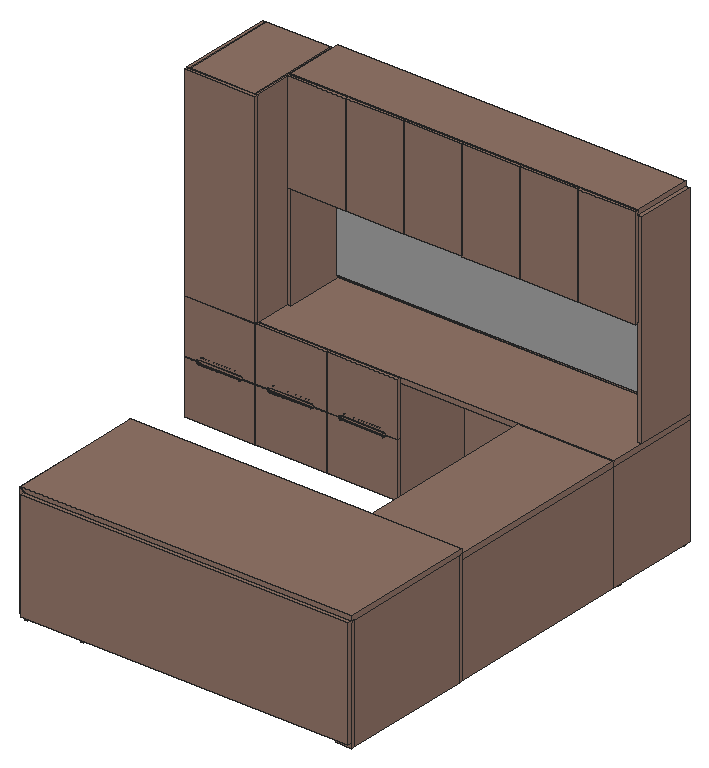
Revit family "OFS TYPICAL T100005", category Furniture, Revit 2022 (continued)
Definition of nested family "OFS SLATE CREDENZA SINGLE PEDESTAL"
  Definition of nested family "OFS_Slate Private Office_Credenza_Single_Pedestal"
    Automatic sketch dimensions
      Extrusion 30 sketch curve to plane 9 = 0' - 0"
      Extrusion 30 sketch curve to plane 10 = 0' - 1 1/4"
      Extrusion 30 sketch curve to plane 5 = 0' - 0 1/16"
      Extrusion 30 sketch curve to plane 9 = 0' - 0 1/8"
      Extrusion 30 sketch curve to plane 4 = 0' - 0 1/8"
      plane 22 to Extrusion 30 sketch curve = 0' - 0"
      Extrusion 27 sketch curve to plane 9 = 0' - 0"
      Extrusion 27 sketch curve to Extrusion 27 sketch curve = 0' - 0 1/8"
      Extrusion 27 sketch curve to plane 10 = 0' - 1 1/4"
      Extrusion 27 sketch curve to plane 5 = 0' - 0 1/16"
      plane 10 to Extrusion 32 sketch curve = 0' - 0"
      plane 6 to Extrusion 32 sketch curve = 0' - 0"
      Extrusion 32 sketch curve to plane 12 = 0' - 0"
      plane 13 to Extrusion 32 sketch curve = 0' - 3"
      Extrusion 34 sketch curve to Extrusion 34 sketch curve = 1' - 2"
      Extrusion 33 to Extrusion 34 sketch curve = 0' - 0 1/8"
  Definition of nested family "Tag"
    Parameters
      P_Width = 0' - 0"
      Text_Width = "Empty"
      Text_Height = "Empty"
      Text_Diameter = "Empty"
      Text_Depth = "Empty"
      Offset (LR) [instance] = 0' - 0"
      Model Name = "Type Catalog"
      P_Height = 0' - 0"
      Distance of Center (not Change) = 0' - 0.1"
      P_Diameter = 0' - 0"
      P_Depth = 0' - 0"
    Reference planes (in)
      plane 1: y = 0
      plane 2: x = 0
    Lines and regions (in)
      reference lines
        curve 1: line (-0.44359, 0.1, 0) -> (0.41085, 0.1, 0)
        curve 3: line (0, 0.42564, 0) -> (0, -0.30221, 0)
      reference lines, not visible
        curve 2: line (-0.44359, 0.09843, 0) -> (0.41085, 0.09843, 0)
        curve 4: line (0, 0.42407, 0) -> (0, -0.30379, 0)
    Text (in)
      label "Empty" at (0.00197, 0.0921, 0), shows "Model Name"
      label "Empty" at (0.00197, 0.09052, 0), shows "Model Name", not visible
    Dimensions and locks (in)
      "Distance of Center (not Change)": plane 1 to curve 1
      "Offset (LR)": curve 3 to plane 2
    Automatic sketch dimensions
      curve 1 to curve 3 = 0' - 0.44359"
      curve 3 to curve 1 = 0' - 0.41085"
      curve 3 to curve 1 = 0' - 0.40221"
      curve 1 to curve 3 = 0' - 0.32564"
      curve 2 to curve 4 = 0' - 0.44359"
      curve 4 to curve 2 = 0' - 0.41085"
      curve 4 to curve 2 = 0' - 0.40221"
      curve 2 to curve 4 = 0' - 0.32564"
Definition of nested family "OFS SLATE TALL STORAGE CABINET _ WARDROBE FILE-FILE"
  Parameters (values of type "Tall Storage Wardrobe File-File Right - 81"H")
    Width = 1' - 6"
    URL = "http://www.ofs.com/"
    Top [instance] = none
    Right = yes
    Model = "CA-182481RSWD-2"
    Manufacturer = "CAROLINA"
    Left = no
    Height = 6' - 9"
    Glides [instance] = none
    Drawers [instance] = none
    Doors [instance] = none
    Description = "OFS SLATE Tall Storage Wardrobe File/File Right 18W x 24.75D x 80.75H, Slate Private Office"
    Depth = 2' - 0 3/4"
    Default Elevation = 0' - 0"
    Copyright © = "© 2019 OFS"
    Catalog = "https://ofs.com/products/tables/conference/slate"
    Case [instance] = none
    Base [instance] = none
    Authoring Version = "Autodesk Revit Architecture 2014"
    Assembly Code = "E2020200"
  Types (8): name | Right | Model | Left | Height | Description
    Tall Storage Wardrobe File-File Left - 81H | no | "CA-182481RSWD-2" | yes | 6' - 9" | "OFS SLATE Tall Storage Wardrobe File/File Left 18W x 24.75D x 80.75H, Slate Private Office"
    Tall Storage Wardrobe File-File Left - 69"H | no | "CA-182469RSWD-2" | yes | 5' - 9" | "OFS SLATE Tall Storage Wardrobe File/File Left 18W x 24.75D x 68.75H, Slate Private Office"
    Tall Storage Wardrobe File-File Right - 81"H | yes | "CA-182481RSWD-2" | no | 6' - 9" | "OFS SLATE Tall Storage Wardrobe File/File Right 18W x 24.75D x 80.75H, Slate Private Office"
    Tall Storage Wardrobe File-File Right - 69"H | yes | "CA-182469RSWD-2" | no | 5' - 9" | "OFS SLATE Tall Storage Wardrobe File/File Right 18W x 24.75D x 68.75H, Slate Private Office"
    Tall Storage Cabinet File-File Left - 81"H | no | "CA-182481RSCD-2" | yes | 6' - 9" | "OFS SLATE Tall Storage Cabinet File/File Left 18W x 24.75D x 80.75H, Slate Private Office"
    Tall Storage Cabinet File-File Left - 69"H | no | "CA-182469RSCD-2" | yes | 5' - 9" | "OFS SLATE Tall Storage Cabinet File/File Left 18W x 24.75D x 68.75H, Slate Private Office"
    Tall Storage Cabinet File-File Right - 81"H | yes | "CA-182481RSCD-2" | no | 6' - 9" | "OFS SLATE Tall Storage Cabinet File/File Right 18W x 24.75D x 80.75H, Slate Private Office"
    Tall Storage Cabinet File-File Right - 69"H | yes | "CA-182469RSCD-2" | no | 5' - 9" | "OFS SLATE Tall Storage Cabinet File/File Right 18W x 24.75D x 68.75H, Slate Private Office"
  Reference planes (in)
    plane 1 "Center (Front/Back)": y = 0
    plane 2: z = 0
    plane 3 "Center (Left/Right)": x = 0
    plane 4: x = 18
    plane 5: x = 9
    plane 6: y = -0.75
    plane 7: y = -1.37544
    plane 8: y = -24.83661
    plane 9: y = -24.08661
    plane 10: y = -23.125
    plane 11: y = -21.74956
    plane 12: y = -22.375
    plane 13: y = -28.0105
    plane 14: x = 0.75
    plane 15: x = 2.25
    plane 16: x = 15.75
    plane 17: x = 17.25
    plane 18: z = 80.7
    plane 19: z = 80.6375
    plane 20: z = 79.95
    plane 21: z = 1.7625
    plane 22: z = 2.45
    plane 23: z = 1.7
    plane 24: z = 0.45
    plane 25: z = 81
    plane 26: y = -24
    plane 27: z = 15.35625
    plane 28: z = 15.48125
    plane 29: z = 29.1375
    plane 30: z = 29.2625
  Dimensions and locks (in)
    "Width": plane 3 "Center (Left/Right)" to plane 4
    equal spacing: plane 3 "Center (Left/Right)", plane 5, plane 4
    plane 3 "Center (Left/Right)" to plane 14 to plane 15 = 0' - 0 3/4" locked, 0' - 1 1/2" locked
    plane 16 to plane 17 to plane 4 = 0' - 1 1/2" locked, 0' - 0 3/4" locked
    plane 7 to plane 6 to plane 1 "Center (Front/Back)" = 0' - 0.62544" locked, 0' - 0 3/4" locked
    plane 25 to plane 18 to plane 19 to plane 20 = 0' - 0.3" locked, 0' - 0 1/16" locked, 0' - 0 11/16" locked
    plane 30 to plane 29 to plane 28 to plane 27 to plane 22 to plane 21 to plane 23 to plane 24 to level = 0' - 0 1/8" locked, 1' - 1 21/32" locked, 0' - 0 1/8" locked, 1' - 0 29/32" locked, 0' - 0 11/16" locked, 0' - 0 1/16" locked, 0' - 1 1/4" locked, 0' - 0.45" locked
    "Height": plane 25 to level
    plane 13 to plane 8 to plane 9 to plane 26 to plane 10 to plane 12 to plane 11 = 0' - 3.17389" locked, 0' - 0 3/4" locked, 0' - 0.08661" locked, 0' - 0 7/8" locked, 0' - 0 3/4" locked, 0' - 0.62544" locked
    equal spacing: nested 2, nested 4, plane 3 "Center (Left/Right)"
    aligned and locked: level to plane 2
    aligned and locked: nested 3 to plane 13
    aligned and locked: nested 3 to plane 5
    aligned and locked: nested 4 to plane 13
  Nested families (in)
    nested 1: "OFS_Slate Private Office_Tall_Storage_Cabinet_File_File" at (0, 0, 0), Top <- "Top", Glides <- "Glides", Drawers <- "Drawers", Doors <- "Doors", Case <- "Case", Base <- "Base", visible <- "Left", type "OFS_Slate Private Office_Tall_Storage_Cabinet_File_File"
      with Top none, Right no, Left yes, Glides none, Drawers none, Doors none, Case none, Base none, Height 6' - 9"
    nested 2: "OFS_Slate Private Office_Tall_Storage_Cabinet_File_File" at (0, 0, 0) x (-1, 0, 0) z (0, 0, 1), Top <- "Top", Glides <- "Glides", Drawers <- "Drawers", Doors <- "Doors", Case <- "Case", Base <- "Base", visible <- "Right", type "OFS_Slate Private Office_Tall_Storage_Cabinet_File_File"
      with Top none, Right no, Left yes, Glides none, Drawers none, Doors none, Case none, Base none, Height 6' - 9"
    nested 3: "Tag" at (9, -28.0105, 0) x (-1, 0, 0) z (0, 0, 1), visible <- "Left", type "Center", detail levels fine
      with Offset (LR) 0' - 0", Distance of Center (not Change) 0' - 0.11"
    nested 4: "Tag" at (-9, -28.0105, 0), visible <- "Right", type "Center", detail levels fine
      with Offset (LR) 0' - 0", Distance of Center (not Change) 0' - 0.11"
  Definition of nested family "OFS_Slate Private Office_Tall_Storage_Cabinet_File_File"
    Parameters
      Width = 1' - 6"
      URL = "http://www.ofsbrands.com/"
      Top [instance] = none
      Right [instance] = no
      Model = "Type Catalog"
      Manufacturer = "OFS BRANDS"  # constant formula
      Left [instance] = yes
      Height = 5' - 9"
      Glides [instance] = none
      Drawers [instance] = none
      Doors [instance] = none
      Description = "Type Catalog"
      Depth = 2' - 0 3/4"
      Default Elevation = 0' - 0"
      Copyright © = "© 2016 OFS BRANDS"  # constant formula
      Catalog = "OFS"  # constant formula
      Case [instance] = none
      Base [instance] = none
      Authoring Version = "Autodesk Revit Architecture 2014"  # constant formula
      Assembly Code = "E2020200"
    Reference planes (in)
      plane 1 "Center (Front/Back)": y = 0
      plane 2: z = 0
      plane 3 "Center (Left/Right)": x = 0
      plane 4: x = 18
      plane 5: x = 9
      plane 6: y = -0.75
      plane 7: y = -1.37544
      plane 8: y = -24.83661
      plane 9: y = -24.08661
      plane 10: y = -23.125
      plane 11: y = -21.74956
      plane 12: y = -22.375
      plane 13: y = -28.0105
      plane 14: x = 0.75
      plane 15: x = 2.25
      plane 16: x = 15.75
      plane 17: x = 17.25
      plane 18: z = 68.7
      plane 19: z = 68.6375
      plane 20: z = 67.95
      plane 21: z = 1.7625
      plane 22: z = 2.45
      plane 23: z = 1.7
      plane 24: z = 0.45
      plane 25: z = 69
      plane 26: y = -24
      plane 27: z = 15.35625
      plane 28: z = 15.48125
      plane 29: z = 29.1375
      plane 30: z = 29.2625
    Forms (in)
      Revolve 1, solid, material <- "Glides"
        sketch origin (14.86463, -1.37544, 140) x (1, 0, 0) y (0, 0, 1)
          loop
            line (-13.47373, -139.55) -> (-13.72373, -139.55) -> (-13.72373, -139.74756) -> (-13.76241, -139.74756)
            arc (-13.76241, -139.74756) -> (-13.84683, -139.89216) -> (-13.71873, -140) r 0.13
            line (-13.71873, -140) -> (-13.47373, -140) -> (-13.47373, -139.55)
          axis (-13.47373, -139.55) -> (-13.47373, -140)
        angle from 0 to 360
      Revolve 2, solid, material <- "Glides"
        sketch origin (-2.86463, -1.37544, 140) x (-1, 0, 0) y (0, 0, -1)
          loop
            line (-19.47373, 139.55) -> (-19.47373, 140) -> (-19.71873, 140)
            arc (-19.71873, 140) -> (-19.84683, 139.89216) -> (-19.76241, 139.74756) r 0.13
            line (-19.76241, 139.74756) -> (-19.72373, 139.74756) -> (-19.72373, 139.55) -> (-19.47373, 139.55)
          axis (-19.47373, 139.55) -> (-19.47373, 140)
        angle from 0 to 360
      Revolve 3, solid, material <- "Glides"
        sketch origin (14.86463, -21.74956, 140) x (1, 0, 0) y (0, 0, 1)
          loop
            line (-13.47373, -139.55) -> (-13.72373, -139.55) -> (-13.72373, -139.74756) -> (-13.76241, -139.74756)
            arc (-13.76241, -139.74756) -> (-13.84683, -139.89216) -> (-13.71873, -140) r 0.13
            line (-13.71873, -140) -> (-13.47373, -140) -> (-13.47373, -139.55)
          axis (-13.47373, -139.55) -> (-13.47373, -140)
        angle from 0 to 360
      Revolve 4, solid, material <- "Glides"
        sketch origin (14.86463, -21.74956, 140) x (1, 0, 0) y (0, 0, 1)
          loop
            line (1.74447, -139.55) -> (1.74447, -140) -> (1.98947, -140)
            arc (1.98947, -140) -> (2.11756, -139.89216) -> (2.03314, -139.74756) r 0.13
            line (2.03314, -139.74756) -> (1.99447, -139.74756) -> (1.99447, -139.55) -> (1.74447, -139.55)
          axis (1.74447, -139.55) -> (1.74447, -140)
        angle from 0 to 360
      Extrusion 5, solid, material <- "Case"
        sketch origin (-18.37457, -60, 0.45) x (-1, 0, 0) y (0, -1, 0)
          loop
            line (-19.12457, -59.25) -> (-19.12457, -57.75) -> (-20.62457, -57.75) -> (-20.62457, -59.25) -> (-19.12457, -59.25)
          loop
            line (-34.12457, -59.25) -> (-34.12457, -57.75) -> (-35.62457, -57.75) -> (-35.62457, -59.25) -> (-34.12457, -59.25)
          loop
            line (-19.12457, -37.625) -> (-20.62457, -37.625) -> (-20.62457, -39.125) -> (-19.12457, -39.125) -> (-19.12457, -37.625)
          loop
            line (-34.12457, -37.625) -> (-35.62457, -37.625) -> (-35.62457, -39.125) -> (-34.12457, -39.125) -> (-34.12457, -37.625)
        from 0 to 1.25
      Sweep 6, solid, material <- "Case"
        path origin (-18.37457, -60, 0.45) x (-1, 0, 0) y (0, -1, 0)
          loop
            line (-19.12457, -60) -> (-19.12457, -37.625) -> (-35.62457, -37.625) -> (-35.62457, -60)
        profile origin (9, -22.375, 0.45) x (0, 1, 0) y (0, 0, 1)
          loop
            line (0, 0) -> (0, 1.25) -> (-0.75, 1.25) -> (-0.75, 0) -> (0, 0)
      Extrusion 7, solid, material <- "Case"
        sketch origin (0, 0, 0) x (1, 0, 0) y (0, 0, 1)
          loop
            line (0, 1.7) -> (0.75, 1.7) -> (0.75, 68.7) -> (0, 68.7) -> (0, 1.7)
          loop
            line (18, 1.7) -> (18, 68.7) -> (17.25, 68.7) -> (17.25, 1.7) -> (18, 1.7)
        from 0 to 24
      Extrusion 8, solid, material <- "Top"
        sketch origin (0.75, 2.87053, 140) x (0, 1, 0) y (0, 0, 1)
          loop
            line (-2.87053, -71.3) -> (-26.87053, -71.3) -> (-26.87053, -72.05) -> (-2.87053, -72.05) -> (-2.87053, -71.3)
        from 0 to 16.5
      Extrusion 9, solid, material <- "Base"
        sketch origin (0.75, 2.87053, 140) x (0, 1, 0) y (0, 0, 1)
          loop
            line (-3.62053, -137.55) -> (-26.87053, -137.55) -> (-26.87053, -138.3) -> (-3.62053, -138.3) -> (-3.62053, -137.55)
        from 0 to 16.5
      Extrusion 10, solid, material <- "Case"
        sketch origin (-18.37457, -60, 0.45) x (-1, 0, 0) y (0, -1, 0)
          loop
            line (-19.12457, -60) -> (-19.12457, -59.25) -> (-35.62457, -59.25) -> (-35.62457, -60) -> (-19.12457, -60)
        from 0 to 67.5
      Extrusion 11, solid, material <- "Doors"
        sketch origin (-3.04745, -24.83661, 140) x (-1, 0, 0) y (0, 0, 1)
          loop
            line (-3.17245, -71.3625) -> (-20.98495, -71.3625) -> (-20.98495, -110.7375) -> (-3.17245, -110.7375) -> (-3.17245, -71.3625)
        from 0 to 0.75
      Extrusion 12, solid, material <- "Drawers"
        sketch origin (-3.04745, -24.83661, 140) x (-1, 0, 0) y (0, 0, 1)
          loop
            line (-3.17245, -110.8625) -> (-20.98495, -110.8625) -> (-20.98495, -124.51875) -> (-3.17245, -124.51875) -> (-3.17245, -110.8625)
          loop
            line (-20.98495, -124.64375) -> (-20.98495, -138.3) -> (-3.17245, -138.3) -> (-3.17245, -124.64375) -> (-20.98495, -124.64375)
        from 0 to 0.75
      Sweep 13, void
        path origin (-3.04745, -24.83661, 140) x (-1, 0, 0) y (0, 0, 1)
          loop
            line (-6.69745, -123.76949) -> (-17.39745, -123.76949)
            arc (-17.39745, -123.76949) -> (-18.20921, -124.58125) -> (-17.39745, -125.39301) r 0.81176
            line (-17.39745, -125.39301) -> (-6.69745, -125.39301)
            arc (-6.69745, -125.39301) -> (-5.88568, -124.58125) -> (-6.69745, -123.76949) r 0.81176
        profile origin (9, -24.83661, 16.23051) x (0, 0, -1) y (0, 1, 0)
          loop
            line (0.74926, 0) -> (0.74926, 0.59375) -> (0.23364, 0.59375)
            arc (0.23364, 0.59375) -> (0.00083, 0.38248) -> (0.18858, 0.13032) r 0.2339
            arc (0.18858, 0.13032) -> (0.23214, 0.10432) -> (0.24927, 0.05657) r 0.07516
            line (0.24927, 0.05657) -> (0.24927, 0) -> (0.74926, 0)
    Cuts and joins
      joined: Sweep 6, Extrusion 7
      joined: Revolve 1, Revolve 2, Revolve 3, Revolve 4
      Sweep 13 cuts Extrusion 12
    Lines and regions (in)
      Masking region 1
        outline origin (-18.37457, -60, 68.7) x (-1, 0, 0) y (0, -1, 0)
          loop
            line (-18.37457, -60) -> (-18.37457, -35.16339) -> (-36.37457, -35.16339) -> (-36.37457, -60) -> (-18.37457, -60)
      symbolic lines, detail levels medium+fine
        curve 1: line (0, -24.83661, 68.6375) -> (18, -28.0105, 68.6375)
        curve 2: line (18, -28.0105, 68.6375) -> (18, -24.83661, 68.6375)
    Dimensions and locks (in)
      "Width": plane 3 "Center (Left/Right)" to plane 4
      equal spacing: plane 3 "Center (Left/Right)", plane 5, plane 4
      plane 3 "Center (Left/Right)" to plane 14 to plane 15 = 0' - 0 3/4" locked, 0' - 1 1/2" locked
      plane 16 to plane 17 to plane 4 = 0' - 1 1/2" locked, 0' - 0 3/4" locked
      plane 7 to plane 6 to plane 1 "Center (Front/Back)" = 0' - 0.62544" locked, 0' - 0 3/4" locked
      plane 25 to plane 18 to plane 19 to plane 20 = 0' - 0.3" locked, 0' - 0 1/16" locked, 0' - 0 11/16" locked
      plane 30 to plane 29 to plane 28 to plane 27 to plane 22 to plane 21 to plane 23 to plane 24 to level = 0' - 0 1/8" locked, 1' - 1 21/32" locked, 0' - 0 1/8" locked, 1' - 0 29/32" locked, 0' - 0 11/16" locked, 0' - 0 1/16" locked, 0' - 1 1/4" locked, 0' - 0.45" locked
      "Height": plane 25 to level
      plane 13 to plane 8 to plane 9 to plane 26 to plane 10 to plane 12 to plane 11 = 0' - 3.17389" locked, 0' - 0 3/4" locked, 0' - 0.08661" locked, 0' - 0 7/8" locked, 0' - 0 3/4" locked, 0' - 0.62544" locked
      locked: Sweep 13 sketch curve to plane 15 at 1.4
      locked: plane 16 to Sweep 13 sketch curve at 1.4
      aligned and locked: level to plane 2
      aligned and locked: Extrusion 5 sketch curve to plane 6
      aligned and locked: plane 14 to Extrusion 5 sketch curve
      aligned and locked: Extrusion 5 sketch curve to plane 15
      aligned and locked: plane 6 to Extrusion 5 sketch curve
      aligned and locked: plane 16 to Extrusion 5 sketch curve
      aligned and locked: plane 17 to Extrusion 5 sketch curve
      aligned and locked: Extrusion 5 sketch curve to plane 12  (x2)
      aligned and locked: Extrusion 5 sketch curve to plane 14
      aligned and locked: plane 15 to Extrusion 5 sketch curve
      aligned and locked: Extrusion 5 sketch curve to plane 16
      aligned and locked: Extrusion 5 sketch curve to plane 17
      aligned and locked: plane 23 to Extrusion 5
      aligned and locked: Sweep 6 sketch curve to plane 12
      aligned and locked: plane 18 to Extrusion 7 sketch curve
      aligned and locked: Extrusion 7 sketch curve to plane 3 "Center (Left/Right)"
      aligned and locked: plane 14 to Extrusion 7 sketch curve
      aligned and locked: Extrusion 7 sketch curve to plane 18
      aligned and locked: Extrusion 7 sketch curve to plane 17
      aligned and locked: Extrusion 7 sketch curve to plane 4
      aligned and locked: Extrusion 8 sketch curve to plane 18
      aligned and locked: plane 20 to Extrusion 8 sketch curve
      aligned and locked: plane 1 "Center (Front/Back)" to Extrusion 8 sketch curve
      aligned and locked: Extrusion 9 sketch curve to plane 22
      aligned and locked: Extrusion 9 sketch curve to plane 6
      aligned and locked: Extrusion 9 to plane 17
      aligned and locked: Extrusion 10 sketch curve to Extrusion 9
      aligned and locked: plane 20 to Extrusion 10
      aligned and locked: Extrusion 8 to plane 17
      aligned and locked: plane 14 to Sweep 6 sketch curve
      aligned and locked: plane 17 to Sweep 6 sketch curve
      aligned and locked: Extrusion 10 to plane 24
      aligned and locked: Masking region 1 sketch curve to plane 4
      aligned and locked: plane 3 "Center (Left/Right)" to Masking region 1 sketch curve
      aligned and locked: plane 1 "Center (Front/Back)" to Masking region 1 sketch curve
      aligned and locked: plane 8 to Masking region 1 sketch curve
      aligned and locked: Extrusion 7 sketch curve to plane 23
      aligned and locked: plane 23 to Extrusion 7 sketch curve
      aligned and locked: plane 1 "Center (Front/Back)" to Sweep 6 sketch curve  (x2)
      aligned and locked: cut or joined group of Sweep 6, Extrusion 7 to plane 26
      aligned and locked: plane 26 to Extrusion 8 sketch curve
      aligned and locked: plane 26 to Extrusion 9 sketch curve
      aligned and locked: Extrusion 11 sketch curve to plane 30
      aligned and locked: plane 19 to Extrusion 11 sketch curve
      aligned and locked: Extrusion 11 to plane 9
      aligned and locked: Extrusion 12 sketch curve to plane 23
      aligned and locked: plane 27 to Extrusion 12 sketch curve
      aligned and locked: Extrusion 12 sketch curve to plane 28
      aligned and locked: Extrusion 12 sketch curve to plane 29
      aligned and locked: Extrusion 12 to plane 9
      aligned and locked: plane 8 to curve 1
      aligned and locked: plane 3 "Center (Left/Right)" to curve 1
      aligned and locked: plane 13 to curve 2
      aligned and locked: plane 4 to curve 2
      aligned and locked: plane 8 to curve 2
    Automatic sketch dimensions
      Revolve 1 sketch curve to plane 24 = 0' - 0"
      Revolve 1 sketch curve to level = 0' - 0"
      Revolve 1 sketch curve to plane 24 = 0' - 0.19756"
      plane 14 to Revolve 1 sketch curve = 0' - 0.35223"
      Revolve 1 sketch curve to Revolve 1 sketch curve = 0' - 0.03868"
      Revolve 1 sketch curve to Revolve 1 sketch curve = 0' - 0.005"
      Revolve 1 sketch curve to Revolve 1 sketch curve = 0' - 0.245"
      Revolve 1 sketch curve to Revolve 1 sketch curve = 0' - 0"
      Revolve 1 sketch curve to level = 0' - 0.14265"
      Revolve 1 sketch curve to Revolve 1 sketch curve = 0' - 0.19756"
      Revolve 2 sketch curve to plane 24 = 0' - 0"
      Revolve 2 sketch curve to level = 0' - 0"
      Revolve 2 sketch curve to plane 24 = 0' - 0.19756"
      plane 17 to Revolve 2 sketch curve = 0' - 0.35223"
      Revolve 2 sketch curve to Revolve 2 sketch curve = 0' - 0.03868"
      Revolve 2 sketch curve to Revolve 2 sketch curve = 0' - 0.005"
      Revolve 2 sketch curve to Revolve 2 sketch curve = 0' - 0.245"
      Revolve 2 sketch curve to Revolve 2 sketch curve = 0' - 0"
      Revolve 2 sketch curve to Revolve 2 sketch curve = 0' - 0.19756"
      Revolve 2 sketch curve to level = 0' - 0.14265"
      Revolve 3 sketch curve to plane 24 = 0' - 0"
      Revolve 3 sketch curve to level = 0' - 0"
      Revolve 3 sketch curve to plane 24 = 0' - 0.19756"
      plane 14 to Revolve 3 sketch curve = 0' - 0.35223"
      Revolve 3 sketch curve to Revolve 3 sketch curve = 0' - 0.03868"
      Revolve 3 sketch curve to Revolve 3 sketch curve = 0' - 0.005"
      Revolve 3 sketch curve to Revolve 3 sketch curve = 0' - 0.245"
      Revolve 3 sketch curve to Revolve 3 sketch curve = 0' - 0"
      Revolve 3 sketch curve to level = 0' - 0.14265"
      Revolve 3 sketch curve to Revolve 3 sketch curve = 0' - 0.19756"
      Revolve 4 sketch curve to plane 24 = 0' - 0"
      Revolve 4 sketch curve to level = 0' - 0"
      plane 17 to Revolve 4 sketch curve = 0' - 0.6409"
      Revolve 4 sketch curve to Revolve 4 sketch curve = 0' - 0.245"
      Revolve 4 sketch curve to Revolve 4 sketch curve = 0' - 0.005"
      Revolve 4 sketch curve to Revolve 4 sketch curve = 0' - 0.03868"
      Revolve 4 sketch curve to Revolve 4 sketch curve = 0' - 0.13"
      Revolve 4 sketch curve to Revolve 4 sketch curve = 0' - 0"
      Revolve 4 sketch curve to level = 0' - 0.14265"
      Revolve 4 sketch curve to Revolve 4 sketch curve = 0' - 0.19756"
      plane 7 to Extrusion 5 sketch curve = 0' - 0.87456"  (x2)
      Extrusion 5 sketch curve to plane 11 = 0' - 0.87456"  (x2)
      Sweep 6 sketch curve to plane 24 = 0' - 0"
      Sweep 6 sketch curve to profile plane = 0' - 0"
      profile plane to Sweep 6 sketch curve = 0' - 0 3/4"
      Sweep 6 sketch curve to Sweep 6 sketch curve = 0' - 1 1/4"
      Extrusion 10 sketch curve to plane 6 = 0' - 0"
      Extrusion 9 sketch curve to plane 23 = 0' - 0"
      Extrusion 10 sketch curve to plane 14 = 0' - 0"
      plane 1 "Center (Front/Back)" to Extrusion 10 sketch curve = 0' - 0"
      Extrusion 11 sketch curve to plane 4 = 0' - 0 1/16"
      plane 3 "Center (Left/Right)" to Extrusion 11 sketch curve = 0' - 0 1/8"
      Extrusion 12 sketch curve to plane 4 = 0' - 0 1/16"  (x2)
      plane 3 "Center (Left/Right)" to Extrusion 12 sketch curve = 0' - 0 1/8"  (x2)
      Sweep 13 sketch curve to plane 27 = 0' - 0.74926"
      plane 27 to Sweep 13 sketch curve = 0' - 0 1/16"
      Sweep 13 sketch curve to plane 8 = 0' - 0"
      plane 8 to Sweep 13 sketch curve = 0' - 0.05657"
      Sweep 13 sketch curve to profile plane = 0' - 0.1741"
      Sweep 13 sketch curve to profile plane = 0' - 0.23364"
      Sweep 13 sketch curve to Sweep 13 sketch curve = 0' - 0.07516"
      Sweep 13 sketch curve to Sweep 13 sketch curve = 0' - 0 33/64"
      Sweep 13 sketch curve to Sweep 13 sketch curve = 0' - 0.30328"
      Sweep 13 sketch curve to Sweep 13 sketch curve = 0' - 0.2339"
  Definition of nested family "Tag"
    Parameters
      P_Width = 0' - 0"
      Text_Width = "Empty"
      Text_Height = "Empty"
      Text_Diameter = "Empty"
      Text_Depth = "Empty"
      Offset (LR) [instance] = 0' - 0"
      Model Name = "Type Catalog"
      P_Height = 0' - 0"
      Distance of Center (not Change) = 0' - 0.1"
      P_Diameter = 0' - 0"
      P_Depth = 0' - 0"
    Reference planes (in)
      plane 1: y = 0
      plane 2: x = 0
    Lines and regions (in)
      reference lines
        curve 1: line (-0.44359, 0.1, 0) -> (0.41085, 0.1, 0)
        curve 3: line (0, 0.42564, 0) -> (0, -0.30221, 0)
      reference lines, not visible
        curve 2: line (-0.44359, 0.09843, 0) -> (0.41085, 0.09843, 0)
        curve 4: line (0, 0.42407, 0) -> (0, -0.30379, 0)
    Text (in)
      label "Empty" at (0.00197, 0.0921, 0), shows "Model Name"
      label "Empty" at (0.00197, 0.09052, 0), shows "Model Name", not visible
    Dimensions and locks (in)
      "Distance of Center (not Change)": plane 1 to curve 1
      "Offset (LR)": curve 3 to plane 2
    Automatic sketch dimensions
      curve 1 to curve 3 = 0' - 0.44359"
      curve 3 to curve 1 = 0' - 0.41085"
      curve 3 to curve 1 = 0' - 0.40221"
      curve 1 to curve 3 = 0' - 0.32564"
      curve 2 to curve 4 = 0' - 0.44359"
      curve 4 to curve 2 = 0' - 0.41085"
      curve 4 to curve 2 = 0' - 0.40221"
      curve 2 to curve 4 = 0' - 0.32564"
Definition of nested family "OFS_Slate Private Office_Return_Bridge_Top"
  Parameters
    Width = 3' - 6"
    URL = "http://www.ofsbrands.com/"
    Type = 1
    Right Extended Bridge = Type = 3  # no
    Left Extended Bridge = Type = 4  # no
    Default Elevation = 0' - 0"
    Bridge Top = or(Type = 1, Type = 2)  # yes
    Back Panel = Type = 2  # no
    Description = "Type Catalog"
    Model = "Type Catalog"
    Manufacturer = "OFS BRANDS"  # constant formula
    Copyright © = "© 2016 OFS BRANDS"  # constant formula
    Catalog = "OFS"  # constant formula
    Authoring Version = "Autodesk Revit Architecture 2014"  # constant formula
    Assembly Code = "E2020200"
    Top [instance] = none
    Panel [instance] = none
  Reference planes (in)
    plane 1 "Center (Front/Back)": y = 0
    plane 2: z = 0
    plane 3 "Center (Left/Right)": x = 0
    plane 4 "rrr": through (-2.45771, -5.50063, 16.56517) normal (0.0223, 0.0194, 0.9996)
    plane 5: x = 42
    plane 6: y = -1.1875
    plane 7: y = -24
    plane 8: z = 29.2
    plane 9: z = 28.0125
    plane 10: z = 0.45
    plane 11: x = 21
    plane 12: x = -42
    plane 13: x = -21.59375
    plane 14: x = -1.1875
    plane 15: x = 1.1875
    plane 16: z = 28.0125
    plane 17: z = 27.2625
    plane 18: z = 0.45
    plane 19: y = 24
  Forms (in)
    Extrusion 1, solid, material <- "Top", visible <- "Bridge Top"
      sketch origin (0, 0, 0) x (0, 1, 0) y (0, 0, 1)
        loop
          line (0, 29.2) -> (-24, 29.2) -> (-24, 28.0125) -> (0, 28.0125) -> (0, 29.2)
      from 0 to 42
    Extrusion 2, solid, material <- "Panel", visible <- "Back Panel"
      sketch origin (0, 0, 0) x (0, 1, 0) y (0, 0, 1)
        loop
          line (0, 28.0125) -> (-1.1875, 28.0125) -> (-1.1875, 0.45) -> (0, 0.45) -> (0, 28.0125)
      from 0 to 42
    Extrusion 3, solid, material <- "Top", visible <- "Right Extended Bridge"
      sketch origin (0, 0, 0) x (0, 1, 0) y (0, 0, 1)
        loop
          line (24, 29.2) -> (0, 29.2) -> (0, 28.0125) -> (24, 28.0125) -> (24, 29.2)
      from 0 to -42
    Sweep 4, solid, material <- "Panel", visible <- "Right Extended Bridge"
      path origin (0, 24, 47.24409) x (1, 0, 0) y (0, 0, 1)
        loop
          line (-21.59375, -19.23159) -> (-21.59375, -46.79409)
      profile origin (-21.59375, 24, 14.23125) x (0, -1, 0) y (1, 0, 0)
        loop
          line (0, -0.375) -> (9, -0.375) -> (9, 0.375) -> (0, 0.375) -> (0, -0.375)
    Sweep 5, solid, material <- "Panel", visible <- "Right Extended Bridge"
      path origin (0, 24, 47.24409) x (1, 0, 0) y (0, 0, 1)
        loop
          line (-21.59375, -19.23159) -> (-21.59375, -46.79409)
      profile origin (-21.59375, 24, 14.23125) x (0, -1, 0) y (1, 0, 0)
        loop
          line (0, 1.125) -> (0, 0.375) -> (3.25, 0.375) -> (3.25, 1.125) -> (0, 1.125)
        loop
          line (0, -1.125) -> (3.25, -1.125) -> (3.25, -0.375) -> (0, -0.375) -> (0, -1.125)
    Sweep 6, solid, material <- "Panel", visible <- "Right Extended Bridge"
      path origin (0, 24, 47.24409) x (1, 0, 0) y (0, 0, 1)
        loop
          line (-42, -46.79409) -> (-42, -19.23159)
      profile origin (-42, 24, 14.23125) x (-1, 0, 0) y (0, -1, 0)
        loop
          line (-0.75, 0) -> (0, 0) -> (0, 3.25) -> (-0.75, 3.25) -> (-0.75, 0)
    Sweep 7, solid, material <- "Panel", visible <- "Right Extended Bridge"
      path origin (0, 24, 47.24409) x (1, 0, 0) y (0, 0, 1)
        loop
          line (-1.1875, -19.23159) -> (-1.1875, -46.79409)
      profile origin (-1.1875, 24, 14.23125) x (0, -1, 0) y (1, 0, 0)
        loop
          line (0, 0) -> (0, -0.75) -> (3.25, -0.75) -> (3.25, 0) -> (0, 0)
    Extrusion 8, solid, material <- "Panel", visible <- "Right Extended Bridge"
      sketch origin (0, 0, 0) x (1, 0, 0) y (0, 0, 1)
        loop
          line (-1.1875, 28.0125) -> (-1.1875, 0.45) -> (0, 0.45) -> (0, 28.0125) -> (-1.1875, 28.0125)
      from 0 to -24
    Extrusion 9, solid, material <- "Panel", visible <- "Right Extended Bridge"
      sketch origin (-42, 24, 47.24409) x (0, 1, 0) y (0, 0, 1)
        loop
          line (-3.25, -32.79409) -> (-4, -32.79409) -> (-4, -46.79409) -> (-3.25, -46.79409) -> (-3.25, -32.79409)
      from 0 to 20.03125
    Extrusion 10, solid, material <- "Panel", visible <- "Right Extended Bridge"
      sketch origin (-1.1875, 24, 47.24409) x (0, 1, 0) y (0, 0, -1)
        loop
          line (-3.25, 32.79409) -> (-3.25, 46.79409) -> (-4, 46.79409) -> (-4, 32.79409) -> (-3.25, 32.79409)
      from 0 to 20.03125
    Extrusion 11, solid, material <- "Panel", visible <- "Right Extended Bridge"
      sketch origin (0, 0, 0) x (1, 0, 0) y (0, 0, 1)
        loop
          line (-41.875, 27.2625) -> (-41.875, 14.575) -> (-22.09375, 14.575) -> (-22.09375, 27.2625) -> (-41.875, 27.2625)
      from -20.75 to -20
    Extrusion 12, solid, material <- "Panel", visible <- "Right Extended Bridge"
      sketch origin (0, 0, 0) x (1, 0, 0) y (0, 0, 1)
        loop
          line (-21.09375, 27.2625) -> (-21.09375, 14.575) -> (-1.3125, 14.575) -> (-1.3125, 27.2625) -> (-21.09375, 27.2625)
      from -20.75 to -20
    Extrusion 13, solid, material <- "Top", visible <- "Left Extended Bridge"
      sketch origin (0, 0, 0) x (0, 1, 0) y (0, 0, -1)
        loop
          line (24, -29.2) -> (24, -28.0125) -> (0, -28.0125) -> (0, -29.2) -> (24, -29.2)
      from 0 to -42
    Sweep 14, solid, material <- "Panel", visible <- "Left Extended Bridge"
      path origin (0, 24, 47.24409) x (-1, 0, 0) y (0, 0, -1)
        loop
          line (-21.59375, 19.23159) -> (-21.59375, 46.79409)
      profile origin (21.59375, 24, 14.23125) x (0, -1, 0) y (1, 0, 0)
        loop
          line (0, 0.375) -> (0, -0.375) -> (9, -0.375) -> (9, 0.375) -> (0, 0.375)
    Sweep 15, solid, material <- "Panel", visible <- "Left Extended Bridge"
      path origin (0, 24, 47.24409) x (-1, 0, 0) y (0, 0, -1)
        loop
          line (-21.59375, 19.23159) -> (-21.59375, 46.79409)
      profile origin (21.59375, 24, 14.23125) x (0, -1, 0) y (1, 0, 0)
        loop
          line (0, -1.125) -> (3.25, -1.125) -> (3.25, -0.375) -> (0, -0.375) -> (0, -1.125)
        loop
          line (0, 1.125) -> (0, 0.375) -> (3.25, 0.375) -> (3.25, 1.125) -> (0, 1.125)
    Sweep 16, solid, material <- "Panel", visible <- "Left Extended Bridge"
      path origin (0, 24, 47.24409) x (-1, 0, 0) y (0, 0, -1)
        loop
          line (-42, 46.79409) -> (-42, 19.23159)
      profile origin (42, 24, 14.23125) x (-1, 0, 0) y (0, -1, 0)
        loop
          line (0.75, 0) -> (0.75, 3.25) -> (0, 3.25) -> (0, 0) -> (0.75, 0)
    Sweep 17, solid, material <- "Panel", visible <- "Left Extended Bridge"
      path origin (0, 24, 47.24409) x (-1, 0, 0) y (0, 0, -1)
        loop
          line (-1.1875, 19.23159) -> (-1.1875, 46.79409)
      profile origin (1.1875, 24, 14.23125) x (0, -1, 0) y (1, 0, 0)
        loop
          line (0, 0) -> (3.25, 0) -> (3.25, 0.75) -> (0, 0.75) -> (0, 0)
    Extrusion 18, solid, material <- "Panel", visible <- "Left Extended Bridge"
      sketch origin (0, 0, 0) x (-1, 0, 0) y (0, 0, -1)
        loop
          line (-1.1875, -28.0125) -> (0, -28.0125) -> (0, -0.45) -> (-1.1875, -0.45) -> (-1.1875, -28.0125)
      from 0 to -24
    Extrusion 19, solid, material <- "Panel", visible <- "Left Extended Bridge"
      sketch origin (84, 24, 47.24409) x (0, 1, 0) y (0, 0, -1)
        loop
          line (-3.25, 32.79409) -> (-3.25, 46.79409) -> (-4, 46.79409) -> (-4, 32.79409) -> (-3.25, 32.79409)
      from 42 to 62.03125
    Extrusion 20, solid, material <- "Panel", visible <- "Left Extended Bridge"
      sketch origin (1.1875, 24, 47.24409) x (0, 1, 0) y (0, 0, 1)
        loop
          line (-3.25, -32.79409) -> (-4, -32.79409) -> (-4, -46.79409) -> (-3.25, -46.79409) -> (-3.25, -32.79409)
      from 0 to 20.03125
    Extrusion 21, solid, material <- "Panel", visible <- "Left Extended Bridge"
      sketch origin (0, 0, 0) x (-1, 0, 0) y (0, 0, -1)
        loop
          line (-41.875, -27.2625) -> (-22.09375, -27.2625) -> (-22.09375, -14.575) -> (-41.875, -14.575) -> (-41.875, -27.2625)
      from -20.75 to -20
    Extrusion 22, solid, material <- "Panel", visible <- "Left Extended Bridge"
      sketch origin (0, 0, 0) x (-1, 0, 0) y (0, 0, -1)
        loop
          line (-21.09375, -27.2625) -> (-1.3125, -27.2625) -> (-1.3125, -14.575) -> (-21.09375, -14.575) -> (-21.09375, -27.2625)
      from -20.75 to -20
  Lines and regions (in)
    Masking region 1, visible <- "Bridge Top"
      outline origin (0, 0, 0) x (1, 0, 0) y (0, 1, 0)
        loop
          line (0, 0) -> (0, -24) -> (42, -24) -> (42, 0) -> (0, 0)
    Masking region 2, visible <- "Right Extended Bridge"
      outline origin (0, 0, 0) x (1, 0, 0) y (0, 1, 0)
        loop
          line (-42, 24) -> (-42, 0) -> (0, 0) -> (0, 24) -> (-42, 24)
    Masking region 3, visible <- "Left Extended Bridge"
      outline origin (0, 0, 0) x (1, 0, 0) y (0, 1, 0)
        loop
          line (0, 24) -> (0, 0) -> (42, 0) -> (42, 24) -> (0, 24)
  Dimensions and locks (in)
    "Width": plane 3 "Center (Left/Right)" to plane 5
    equal spacing: plane 3 "Center (Left/Right)", plane 11, plane 5
    "Width": plane 12 to plane 3 "Center (Left/Right)"
    equal spacing: plane 12, plane 13, plane 14
    Sweep 4 sketch curve to profile plane to Sweep 4 sketch curve = 0' - 0 3/8" locked, 0' - 0 3/8" locked
    Sweep 14 sketch curve to profile plane to Sweep 14 sketch curve = 0' - 0 3/8" locked, 0' - 0 3/8" locked
    equal spacing: plane 15, Sweep 14 sketch curve, plane 5
    equal spacing: plane 15, Sweep 15 sketch curve, plane 5
    aligned and locked: level to plane 2
    aligned and locked: Extrusion 1 sketch curve to plane 8
    aligned and locked: plane 9 to Extrusion 1 sketch curve
    aligned and locked: plane 7 to Extrusion 1 sketch curve
    aligned and locked: plane 1 "Center (Front/Back)" to Extrusion 1 sketch curve
    aligned and locked: Extrusion 1 to plane 3 "Center (Left/Right)"
    aligned and locked: Extrusion 1 to plane 5
    aligned and locked: plane 1 "Center (Front/Back)" to Extrusion 2 sketch curve
    aligned and locked: Extrusion 2 sketch curve to plane 9
    aligned and locked: plane 10 to Extrusion 2 sketch curve
    aligned and locked: plane 6 to Extrusion 2 sketch curve
    aligned and locked: Extrusion 2 to plane 5
    aligned and locked: Extrusion 2 to plane 3 "Center (Left/Right)"
    aligned and locked: plane 3 "Center (Left/Right)" to Masking region 1 sketch curve
    aligned and locked: plane 1 "Center (Front/Back)" to Masking region 1 sketch curve
    aligned and locked: plane 5 to Masking region 1 sketch curve
    aligned and locked: plane 7 to Masking region 1 sketch curve
    aligned and locked: plane 11 to nested 1
    aligned and locked: plane 7 to nested 1
    aligned and locked: plane 13 to nested 2
    aligned and locked: nested 2 to plane 1 "Center (Front/Back)"
    aligned and locked: plane 11 to nested 3
    aligned and locked: nested 3 to plane 1 "Center (Front/Back)"
    aligned and locked: Extrusion 3 sketch curve to plane 8
    aligned and locked: Extrusion 3 sketch curve to plane 1 "Center (Front/Back)"
    aligned and locked: Extrusion 3 sketch curve to plane 16
    aligned and locked: plane 19 to Extrusion 3 sketch curve
    aligned and locked: plane 3 "Center (Left/Right)" to Extrusion 3
    aligned and locked: Extrusion 3 to plane 12
    aligned and locked: plane 13 to Sweep 4 sketch curve
    aligned and locked: plane 10 to Sweep 4 sketch curve
    aligned and locked: plane 16 to Sweep 4 sketch curve
    aligned and locked: profile plane to Sweep 4 sketch curve
    aligned and locked: plane 10 to Sweep 5 sketch curve
    aligned and locked: plane 16 to Sweep 5 sketch curve
    aligned and locked: plane 13 to Sweep 5 sketch curve
    aligned and locked: Sweep 5 sketch curve to Sweep 4
    aligned and locked: Sweep 4 to Sweep 5 sketch curve
    aligned and locked: profile plane to Sweep 5 sketch curve
    aligned and locked: Sweep 5 sketch curve to profile plane
    aligned and locked: plane 16 to Sweep 6 sketch curve
    aligned and locked: plane 10 to Sweep 6 sketch curve
    aligned and locked: plane 12 to Sweep 6 sketch curve
    aligned and locked: Sweep 6 sketch curve to profile plane  (x2)
    aligned and locked: plane 16 to Sweep 7 sketch curve
    aligned and locked: plane 10 to Sweep 7 sketch curve
    aligned and locked: Sweep 7 sketch curve to plane 14
    aligned and locked: Sweep 7 sketch curve to profile plane  (x2)
    aligned and locked: Extrusion 8 sketch curve to plane 3 "Center (Left/Right)"
    aligned and locked: plane 14 to Extrusion 8 sketch curve
    aligned and locked: plane 16 to Extrusion 8 sketch curve
    aligned and locked: plane 10 to Extrusion 8 sketch curve
    aligned and locked: plane 1 "Center (Front/Back)" to Extrusion 8
    aligned and locked: Extrusion 9 sketch curve to plane 18
    aligned and locked: Extrusion 9 to plane 12
    aligned and locked: plane 14 to Extrusion 10
    aligned and locked: Extrusion 10 to Sweep 4
    aligned and locked: Extrusion 9 to Sweep 4
    aligned and locked: Extrusion 11 sketch curve to plane 17
    aligned and locked: Extrusion 12 sketch curve to plane 17
    aligned and locked: profile plane to Sweep 14 sketch curve
    aligned and locked: Sweep 15 sketch curve to Sweep 14  (x2)
    aligned and locked: profile plane to Sweep 15 sketch curve
    aligned and locked: Sweep 15 sketch curve to profile plane
    aligned and locked: Sweep 16 sketch curve to profile plane  (x2)
    aligned and locked: Sweep 17 sketch curve to profile plane  (x2)
    aligned and locked: Sweep 14 to Extrusion 20
    aligned and locked: Sweep 14 to Extrusion 19
    aligned and locked: Extrusion 13 to plane 5
    aligned and locked: Extrusion 19 to plane 5
    aligned and locked: plane 19 to Masking region 2 sketch curve
    aligned and locked: Masking region 2 sketch curve to plane 3 "Center (Left/Right)"
    aligned and locked: plane 12 to Masking region 2 sketch curve
    aligned and locked: Masking region 2 sketch curve to plane 1 "Center (Front/Back)"
    aligned and locked: plane 3 "Center (Left/Right)" to Masking region 3 sketch curve
    aligned and locked: Masking region 3 sketch curve to plane 1 "Center (Front/Back)"
    aligned and locked: plane 19 to Masking region 3 sketch curve
    aligned and locked: Masking region 3 sketch curve to plane 5
  Automatic sketch dimensions
    plane 19 to Sweep 4 sketch curve = 0' - 9"
    Sweep 5 sketch curve to profile plane = 0' - 1 1/8"
    plane 19 to Sweep 5 sketch curve = 0' - 3 1/4"
    Sweep 5 sketch curve to Sweep 5 sketch curve = 0' - 0"
    Sweep 5 sketch curve to Sweep 5 sketch curve = 0' - 0 3/4"
    profile plane to Sweep 6 sketch curve = 0' - 0 3/4"
    plane 19 to Sweep 6 sketch curve = 0' - 3 1/4"
    plane 19 to Sweep 7 sketch curve = 0' - 3 1/4"
    Sweep 7 sketch curve to Sweep 7 sketch curve = 0' - 0 3/4"
    plane 19 to Extrusion 9 sketch curve = 0' - 4"
    Extrusion 9 sketch curve to Extrusion 9 sketch curve = 0' - 0 3/4"
    Extrusion 9 sketch curve to plane 17 = 1' - 0 13/16"
    plane 18 to Extrusion 10 sketch curve = 0' - 0"
    plane 19 to Extrusion 10 sketch curve = 0' - 4"
    Extrusion 10 sketch curve to Extrusion 10 sketch curve = 0' - 0 3/4"
    Extrusion 10 sketch curve to plane 17 = 1' - 0 13/16"
    plane 12 to Extrusion 11 sketch curve = 0' - 0 1/8"
    plane 13 to Extrusion 11 sketch curve = 0' - 0 1/2"
    Extrusion 11 sketch curve to plane 17 = 1' - 0 11/16"
    Extrusion 12 sketch curve to plane 13 = 0' - 0 1/2"
    Extrusion 12 sketch curve to plane 14 = 0' - 0 1/8"
    Extrusion 12 sketch curve to plane 17 = 1' - 0 11/16"
    Extrusion 13 sketch curve to plane 1 "Center (Front/Back)" = 0' - 0"
    plane 16 to Extrusion 13 sketch curve = 0' - 0"
    Extrusion 13 sketch curve to plane 19 = 0' - 0"
    Extrusion 13 sketch curve to plane 8 = 0' - 0"
    Sweep 14 sketch curve to plane 10 = 0' - 0"
    Sweep 14 sketch curve to plane 16 = 0' - 0"
    plane 19 to Sweep 14 sketch curve = 0' - 9"
    Sweep 15 sketch curve to plane 10 = 0' - 0"
    Sweep 15 sketch curve to plane 16 = 0' - 0"
    profile plane to Sweep 15 sketch curve = 0' - 1 1/8"
    plane 19 to Sweep 15 sketch curve = 0' - 3 1/4"
    Sweep 15 sketch curve to Sweep 15 sketch curve = 0' - 0"
    Sweep 15 sketch curve to Sweep 15 sketch curve = 0' - 0 3/4"
    plane 5 to Sweep 16 sketch curve = 0' - 0"
    Sweep 16 sketch curve to plane 16 = 0' - 0"
    Sweep 16 sketch curve to plane 10 = 0' - 0"
    Sweep 16 sketch curve to Sweep 16 sketch curve = 0' - 0 3/4"
    plane 19 to Sweep 16 sketch curve = 0' - 3 1/4"
    Sweep 17 sketch curve to plane 10 = 0' - 0"
    plane 15 to Sweep 17 sketch curve = 0' - 0"
    Sweep 17 sketch curve to plane 16 = 0' - 0"
    plane 19 to Sweep 17 sketch curve = 0' - 3 1/4"
    Sweep 17 sketch curve to Sweep 17 sketch curve = 0' - 0 3/4"
    Extrusion 18 sketch curve to plane 10 = 0' - 0"
    plane 15 to Extrusion 18 sketch curve = 0' - 0"
    Extrusion 18 sketch curve to plane 3 "Center (Left/Right)" = 0' - 0"
    Extrusion 18 sketch curve to plane 16 = 0' - 0"
    plane 18 to Extrusion 19 sketch curve = 0' - 0"
    plane 19 to Extrusion 19 sketch curve = 0' - 4"
    Extrusion 19 sketch curve to Extrusion 19 sketch curve = 0' - 0 3/4"
    Extrusion 19 sketch curve to plane 17 = 1' - 0 13/16"
    plane 18 to Extrusion 20 sketch curve = 0' - 0"
    plane 19 to Extrusion 20 sketch curve = 0' - 4"
    Extrusion 20 sketch curve to Extrusion 20 sketch curve = 0' - 0 3/4"
    Extrusion 20 sketch curve to plane 17 = 1' - 0 13/16"
    Extrusion 21 sketch curve to plane 17 = 0' - 0"
    plane 5 to Extrusion 21 sketch curve = 0' - 0 1/8"
    Extrusion 21 sketch curve to plane 11 = 0' - 1 3/32"
    Extrusion 21 sketch curve to Extrusion 21 sketch curve = 1' - 0 11/16"
    Extrusion 22 sketch curve to plane 17 = 0' - 0"
    Extrusion 22 sketch curve to plane 11 = 0' - 0 3/32"
    Extrusion 22 sketch curve to plane 15 = 0' - 0 1/8"
    Extrusion 22 sketch curve to plane 17 = 1' - 0 11/16"
  Nested families (in)
    nested 1: "Tag" at (21, -24, 0) x (-1, 0, 0) z (0, 0, 1), visible <- "Bridge Top", type "Center", detail levels fine
      with Offset (LR) 0' - 0", Distance of Center (not Change) 0' - 0.1"
    nested 2: "Tag" at (-21.59375, 0, 0) x (-1, 0, 0) z (0, 0, 1), visible <- "Right Extended Bridge", type "Center", detail levels fine
      with Offset (LR) 0' - 0", Distance of Center (not Change) 0' - 0.1"
    nested 3: "Tag" at (21, 0, 0) x (-1, 0, 0) z (0, 0, 1), visible <- "Left Extended Bridge", type "Center", detail levels fine
      with Offset (LR) 0' - 0", Distance of Center (not Change) 0' - 0.1"
  Definition of nested family "Tag"
    Parameters
      P_Width = 0' - 0"
      Text_Width = "Empty"
      Text_Height = "Empty"
      Text_Diameter = "Empty"
      Text_Depth = "Empty"
      Offset (LR) [instance] = 0' - 0"
      Model Name = "EK-7168-E"
      P_Height = 0' - 0"
      Distance of Center (not Change) = 0' - 0"
      P_Diameter = 0' - 0"
      P_Depth = 0' - 0"
    Reference planes (in)
      plane 1: y = 0
      plane 2: x = 0
    Lines and regions (in)
      reference lines
        curve 1: line (-0.44359, 0, 0) -> (0.41085, 0, 0)
        curve 3: line (0, 0.32564, 0) -> (0, -0.40221, 0)
      reference lines, not visible
        curve 2: line (-0.44359, 0.09843, 0) -> (0.41085, 0.09843, 0)
        curve 4: line (0, 0.42407, 0) -> (0, -0.30379, 0)
    Text (in)
      label "Empty" at (0.00197, -0.0079, 0), shows "Model Name"
      label "Empty" at (0.00197, 0.09052, 0), shows "Model Name", not visible
    Dimensions and locks (in)
      "Distance of Center (not Change)": plane 1 to curve 1
      "Offset (LR)": curve 3 to plane 2
    Automatic sketch dimensions
      curve 1 to curve 3 = 0' - 0.44359"
      curve 3 to curve 1 = 0' - 0.41085"
      curve 3 to curve 1 = 0' - 0.40221"
      curve 1 to curve 3 = 0' - 0.32564"
      curve 2 to curve 4 = 0' - 0.44359"
      curve 4 to curve 2 = 0' - 0.41085"
      curve 4 to curve 2 = 0' - 0.40221"
      curve 2 to curve 4 = 0' - 0.32564"
